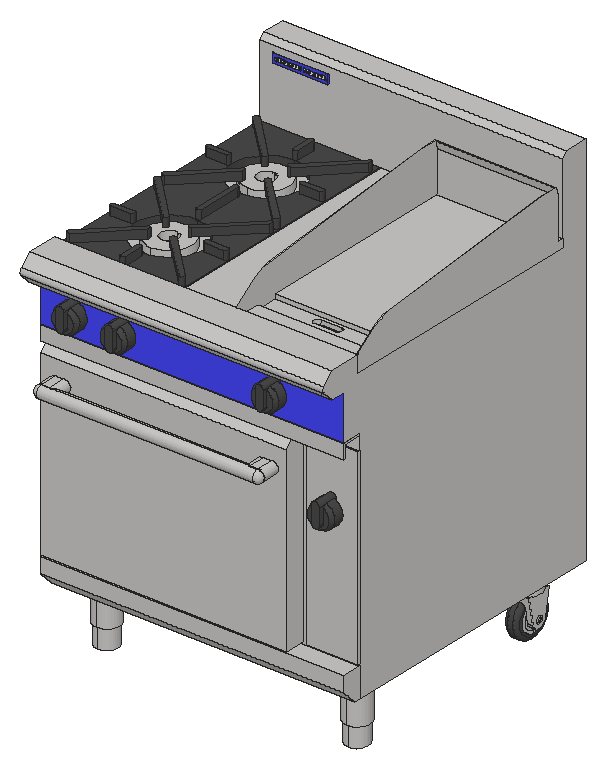
Revit family "QF_MOFFAT_BLUESEAL_CE_G505C", category Specialty Equipment, Revit 2012 (continued)
Automatic sketch dimensions
  Extrusion 1 sketch curve to Extrusion 1 sketch curve = 50 mm
  Extrusion 1 sketch curve to plane 5 "FRONT" = 28.03 mm
  Extrusion 1 sketch curve to plane 5 "FRONT" = 27.03 mm
  Extrusion 1 sketch curve to plane 5 "FRONT" = 12.032 mm
  Extrusion 1 sketch curve to plane 5 "FRONT" = 3.531 mm  (x2)
  Extrusion 1 sketch curve to Extrusion 1 sketch curve = 135 mm
  Extrusion 1 sketch curve to Extrusion 1 sketch curve = 25 mm
  Extrusion 1 sketch curve to Extrusion 1 sketch curve = 23.499 mm
  Extrusion 1 sketch curve to Extrusion 1 sketch curve = 8.501 mm
  Extrusion 1 sketch curve to plane 16 = 12.5 mm
  plane 12 to Extrusion 2 sketch curve = 0.062 mm
  plane 1 "BACK" to Extrusion 2 sketch curve = 32 mm
  Revolve 3 sketch curve to plane 10 "Base Height" = 0 mm
  Revolve 3 sketch curve to level = 0 mm
  level to Revolve 3 sketch curve = 50 mm
  Revolve 3 sketch curve to plane 5 "FRONT" = 155.25 mm
  Revolve 3 sketch curve to Revolve 3 sketch curve = 4.25 mm
  Revolve 3 sketch curve to Revolve 3 sketch curve = 27.5 mm  (x2)
  Revolve 3 sketch curve to Revolve 3 sketch curve = 55 mm
  Revolve 3 sketch curve to Revolve 3 sketch curve = 0 mm
  plane 9 to Extrusion 4 sketch curve = 29 mm
  Extrusion 4 sketch curve to Extrusion 4 sketch curve = 3 mm  (x3)
  Extrusion 4 sketch curve to plane 9 = 137.5 mm
  Extrusion 4 sketch curve to plane 14 = 37.768 mm
  Extrusion 4 sketch curve to plane 5 "FRONT" = 110 mm  (x2)
  Extrusion 4 sketch curve to plane 11 = 84.2 mm  (x2)
  Extrusion 4 sketch curve to plane 7 "Center Y" = 78 mm
  Extrusion 5 sketch curve to Extrusion 4 = 19.102 mm  (x2)
  Extrusion 5 sketch curve to Extrusion 5 sketch curve = 4.525 mm  (x16)
  Extrusion 5 sketch curve to Extrusion 4 = 27.593 mm
  Extrusion 5 sketch curve to Extrusion 5 sketch curve = 48.456 mm  (x4)
  Extrusion 5 sketch curve to Extrusion 5 sketch curve = 50.976 mm
  Extrusion 5 sketch curve to Extrusion 5 sketch curve = 0 mm  (x4)
  Extrusion 5 sketch curve to Extrusion 4 = 9.156 mm  (x2)
  Extrusion 5 sketch curve to Extrusion 5 sketch curve = 27.39 mm  (x2)
  Extrusion 5 sketch curve to Extrusion 5 sketch curve = 6.4 mm  (x7)
  Extrusion 5 sketch curve to Extrusion 5 sketch curve = 20.658 mm  (x2)
  Extrusion 5 sketch curve to Extrusion 5 sketch curve = 55.923 mm
  Extrusion 5 sketch curve to Extrusion 4 = 5.102 mm  (x3)
  Extrusion 5 sketch curve to Extrusion 5 sketch curve = 128.581 mm  (x2)
  Extrusion 5 sketch curve to Extrusion 4 = 6.102 mm  (x2)
  Extrusion 5 sketch curve to Extrusion 4 = 14.153 mm
  Extrusion 5 sketch curve to Extrusion 5 sketch curve = 12.205 mm  (x2)
  Extrusion 5 sketch curve to Extrusion 4 = 15.153 mm  (x2)
  Extrusion 5 sketch curve to Extrusion 5 sketch curve = 112.454 mm
  Extrusion 5 sketch curve to Extrusion 5 sketch curve = 59.673 mm
  Extrusion 5 sketch curve to Extrusion 5 sketch curve = 17.024 mm  (x2)
  Extrusion 5 sketch curve to Extrusion 4 = 9.908 mm  (x2)
  Extrusion 5 sketch curve to Extrusion 5 sketch curve = 46.847 mm  (x2)
  Extrusion 5 sketch curve to Extrusion 5 sketch curve = 62.169 mm
  Extrusion 5 sketch curve to Extrusion 4 = 36.153 mm  (x2)
  Extrusion 5 sketch curve to Extrusion 4 = 23.4 mm
  Extrusion 5 sketch curve to Extrusion 5 sketch curve = 55.413 mm  (x2)
  Extrusion 5 sketch curve to Extrusion 5 sketch curve = 20.524 mm  (x3)
  Extrusion 5 sketch curve to Extrusion 5 sketch curve = 53.847 mm  (x4)
  Extrusion 5 sketch curve to Extrusion 4 = 58.364 mm
  Revolve 6 sketch curve to plane 10 "Base Height" = 0 mm
  Revolve 6 sketch curve to level = 0 mm
  level to Revolve 6 sketch curve = 50 mm
  Revolve 6 sketch curve to plane 5 "FRONT" = 155.25 mm
  Revolve 6 sketch curve to Revolve 6 sketch curve = 4.25 mm
  Revolve 6 sketch curve to Revolve 6 sketch curve = 27.5 mm  (x2)
  Revolve 6 sketch curve to Revolve 6 sketch curve = 0 mm
  Revolve 6 sketch curve to Revolve 6 sketch curve = 55 mm
  Extrusion 1 to Extrusion 7 sketch curve = 0 mm
  Extrusion 7 sketch curve to Extrusion 1 = 1 mm
  Extrusion 1 to Extrusion 7 sketch curve = 300 mm
  Extrusion 7 sketch curve to Extrusion 7 sketch curve = 150 mm
  plane 12 to Extrusion 8 sketch curve = 5 mm
  Extrusion 8 sketch curve to plane 6 "TOP" = 277.5 mm
  Extrusion 8 sketch curve to plane 12 = 10 mm
  plane 10 "Base Height" to Extrusion 8 sketch curve = 77.5 mm
  Split face 1 sketch curve to Extrusion 7 = 45.037 mm
  Split face 1 sketch curve to Extrusion 7 = 27.576 mm
  Split face 2 sketch curve to Extrusion 7 = 45.037 mm
  Split face 2 sketch curve to Extrusion 7 = 75 mm
  Split face 3 sketch curve to Extrusion 7 = 45.037 mm
  Split face 3 sketch curve to Extrusion 7 = 27.576 mm
  Split face 4 sketch curve to Extrusion 7 = 27.576 mm
  Split face 4 sketch curve to Extrusion 7 = 79.037 mm
  Split face 5 sketch curve to Extrusion 7 = 79.037 mm
  Split face 5 sketch curve to Extrusion 7 = 75 mm
  Split face 6 sketch curve to Extrusion 7 = 27.576 mm
  Split face 6 sketch curve to Extrusion 7 = 79.037 mm
  Split face 7 sketch curve to Extrusion 7 = 27.576 mm
  Split face 7 sketch curve to Extrusion 7 = 113.037 mm
  Split face 8 sketch curve to Extrusion 7 = 113.037 mm
  Split face 8 sketch curve to Extrusion 7 = 75 mm
  Split face 9 sketch curve to Extrusion 7 = 27.576 mm
  Split face 9 sketch curve to Extrusion 7 = 113.037 mm
  Split face 10 sketch curve to Extrusion 7 = 27.576 mm
  Split face 10 sketch curve to Extrusion 7 = 147.037 mm
  Split face 11 sketch curve to Extrusion 7 = 147.037 mm
  Split face 11 sketch curve to Extrusion 7 = 75 mm
  Split face 12 sketch curve to Extrusion 7 = 27.576 mm
  Split face 12 sketch curve to Extrusion 7 = 147.037 mm
  Split face 13 sketch curve to Extrusion 7 = 27.576 mm
  Split face 13 sketch curve to Extrusion 7 = 181.037 mm
  Split face 14 sketch curve to Extrusion 7 = 75 mm
  Split face 14 sketch curve to Extrusion 7 = 181.037 mm
  Split face 15 sketch curve to Extrusion 7 = 27.576 mm
  Split face 15 sketch curve to Extrusion 7 = 181.037 mm
  Split face 16 sketch curve to Extrusion 7 = 27.576 mm
  Split face 16 sketch curve to Extrusion 7 = 215.037 mm
  Split face 17 sketch curve to Extrusion 7 = 75 mm
  Split face 17 sketch curve to Extrusion 7 = 215.037 mm
  Split face 18 sketch curve to Extrusion 7 = 27.576 mm
  Split face 18 sketch curve to Extrusion 7 = 215.037 mm
  Split face 19 sketch curve to Extrusion 7 = 27.576 mm
  Split face 19 sketch curve to Extrusion 7 = 249.037 mm
  Split face 20 sketch curve to Extrusion 7 = 75 mm
  Split face 20 sketch curve to Extrusion 7 = 249.037 mm
  Split face 21 sketch curve to Extrusion 7 = 27.576 mm
  Split face 21 sketch curve to Extrusion 7 = 249.037 mm
  Split face 22 sketch curve to Extrusion 7 = 27.576 mm
  Split face 22 sketch curve to Extrusion 7 = 283.037 mm
  Split face 23 sketch curve to Extrusion 7 = 75 mm
  Split face 23 sketch curve to Extrusion 7 = 283.037 mm
  Split face 24 sketch curve to Extrusion 7 = 27.576 mm
  Split face 24 sketch curve to Extrusion 7 = 283.037 mm
  Split face 25 sketch curve to Extrusion 7 = 27.576 mm
  Split face 25 sketch curve to Extrusion 7 = 316.963 mm
  Split face 26 sketch curve to Extrusion 7 = 75 mm
  Split face 26 sketch curve to Extrusion 7 = 316.963 mm
  Split face 27 sketch curve to Extrusion 7 = 27.576 mm
  Split face 27 sketch curve to Extrusion 7 = 316.963 mm
  Split face 28 sketch curve to Extrusion 7 = 27.576 mm
  Split face 28 sketch curve to Extrusion 7 = 282.963 mm
  Split face 29 sketch curve to Extrusion 7 = 75 mm
  Split face 29 sketch curve to Extrusion 7 = 282.963 mm
  Split face 30 sketch curve to Extrusion 7 = 27.576 mm
  Split face 30 sketch curve to Extrusion 7 = 282.963 mm
  Split face 31 sketch curve to Extrusion 7 = 27.576 mm
  Split face 31 sketch curve to Extrusion 7 = 248.963 mm
  Split face 32 sketch curve to Extrusion 7 = 75 mm
  Split face 32 sketch curve to Extrusion 7 = 248.963 mm
  Split face 33 sketch curve to Extrusion 7 = 27.576 mm
  Split face 33 sketch curve to Extrusion 7 = 248.963 mm
  Split face 34 sketch curve to Extrusion 7 = 27.576 mm
  Split face 34 sketch curve to Extrusion 7 = 214.963 mm
  Split face 35 sketch curve to Extrusion 7 = 75 mm
  Split face 35 sketch curve to Extrusion 7 = 214.963 mm
  Split face 36 sketch curve to Extrusion 7 = 27.576 mm
  Split face 36 sketch curve to Extrusion 7 = 214.963 mm
  Split face 37 sketch curve to Extrusion 7 = 27.576 mm
  Split face 37 sketch curve to Extrusion 7 = 180.963 mm
  Split face 38 sketch curve to Extrusion 7 = 75 mm
  Split face 38 sketch curve to Extrusion 7 = 180.963 mm
  Split face 39 sketch curve to Extrusion 7 = 27.576 mm
  Split face 39 sketch curve to Extrusion 7 = 180.963 mm
  Split face 40 sketch curve to Extrusion 7 = 27.576 mm
  Split face 40 sketch curve to Extrusion 7 = 146.963 mm
  Split face 41 sketch curve to Extrusion 7 = 146.963 mm
  Split face 41 sketch curve to Extrusion 7 = 75 mm
  Split face 42 sketch curve to Extrusion 7 = 27.576 mm
  Split face 42 sketch curve to Extrusion 7 = 146.963 mm
  Split face 43 sketch curve to Extrusion 7 = 27.576 mm
  Split face 43 sketch curve to Extrusion 7 = 112.963 mm
  Split face 44 sketch curve to Extrusion 7 = 112.963 mm
  Split face 44 sketch curve to Extrusion 7 = 75 mm
  Split face 45 sketch curve to Extrusion 7 = 27.576 mm
  Split face 45 sketch curve to Extrusion 7 = 112.963 mm
  Split face 46 sketch curve to Extrusion 7 = 27.576 mm
  Split face 46 sketch curve to Extrusion 7 = 78.963 mm
  Split face 47 sketch curve to Extrusion 7 = 78.963 mm
  Split face 47 sketch curve to Extrusion 7 = 75 mm
  Split face 48 sketch curve to Extrusion 7 = 27.576 mm
  Split face 48 sketch curve to Extrusion 7 = 78.963 mm
  Split face 49 sketch curve to Extrusion 7 = 44.963 mm
  Split face 49 sketch curve to Extrusion 7 = 27.576 mm
  Split face 50 sketch curve to Extrusion 7 = 44.963 mm
  Split face 50 sketch curve to Extrusion 7 = 75 mm
  Split face 51 sketch curve to Extrusion 7 = 44.963 mm
  Split face 51 sketch curve to Extrusion 7 = 27.576 mm
  Revolve 9 sketch curve to plane 5 "FRONT" = 63 mm
  Revolve 9 sketch curve to Revolve 9 sketch curve = 10 mm
  Revolve 9 sketch curve to Revolve 9 sketch curve = 21.3 mm
  Revolve 9 sketch curve to Revolve 9 sketch curve = 23 mm
  Revolve 9 sketch curve to Revolve 9 sketch curve = 12.7 mm
  Revolve 9 sketch curve to Revolve 9 sketch curve = 0 mm  (x2)
  Revolve 9 sketch curve to plane 6 "TOP" = 174 mm
  Revolve 9 sketch curve to Revolve 9 sketch curve = 5 mm
  Revolve 9 sketch curve to Revolve 9 sketch curve = 26.651 mm
  Revolve 9 sketch curve to Revolve 9 sketch curve = 5.849 mm
  Revolve 10 sketch curve to plane 5 "FRONT" = 19 mm
  Revolve 10 sketch curve to Revolve 10 sketch curve = 0 mm  (x2)
  Revolve 10 sketch curve to Revolve 10 sketch curve = 11 mm
  Revolve 10 sketch curve to Revolve 10 sketch curve = 12.7 mm
  Revolve 10 sketch curve to Revolve 10 sketch curve = 23 mm
  Revolve 10 sketch curve to Revolve 10 sketch curve = 10 mm
  Revolve 10 sketch curve to plane 6 "TOP" = 141.732 mm
  Revolve 10 sketch curve to Revolve 10 sketch curve = 5.849 mm
  Revolve 10 sketch curve to Revolve 10 sketch curve = 27.5 mm
  Revolve 10 sketch curve to Revolve 10 sketch curve = 5 mm
  plane 3 "LEFT" to Extrusion 11 sketch curve = 100 mm
  Extrusion 11 sketch curve to Extrusion 11 sketch curve = 10 mm
  Extrusion 11 sketch curve to plane 6 "TOP" = 147.105 mm
  Extrusion 11 sketch curve to Extrusion 11 sketch curve = 39 mm
  Extrusion 12 sketch curve to plane 7 "Center Y" = 153.818 mm
  Extrusion 12 sketch curve to Extrusion 12 sketch curve = 10 mm
  Extrusion 12 sketch curve to plane 6 "TOP" = 147.105 mm
  Extrusion 12 sketch curve to Extrusion 12 sketch curve = 39 mm
  Revolve 13 sketch curve to plane 5 "FRONT" = 63 mm
  Revolve 13 sketch curve to Revolve 13 sketch curve = 10 mm
  Revolve 13 sketch curve to Revolve 13 sketch curve = 21.3 mm
  Revolve 13 sketch curve to Revolve 13 sketch curve = 23 mm
  Revolve 13 sketch curve to Revolve 13 sketch curve = 12.7 mm
  Revolve 13 sketch curve to Revolve 13 sketch curve = 0 mm  (x2)
  Revolve 13 sketch curve to plane 6 "TOP" = 141.5 mm
  Revolve 13 sketch curve to Revolve 13 sketch curve = 5.849 mm
  Revolve 13 sketch curve to Revolve 13 sketch curve = 27.5 mm
  Revolve 13 sketch curve to Revolve 13 sketch curve = 5 mm
  Extrusion 14 sketch curve to plane 12 = 46.25 mm
  Extrusion 14 sketch curve to Extrusion 14 sketch curve = 10 mm
  Extrusion 14 sketch curve to plane 6 "TOP" = 186.105 mm
  Extrusion 14 sketch curve to Extrusion 14 sketch curve = 39 mm
  Revolve 15 sketch curve to plane 5 "FRONT" = 63.5 mm
  Revolve 15 sketch curve to Revolve 15 sketch curve = 0 mm  (x2)
  Revolve 15 sketch curve to Revolve 15 sketch curve = 11 mm
  Revolve 15 sketch curve to Revolve 15 sketch curve = 12.7 mm
  Revolve 15 sketch curve to Revolve 15 sketch curve = 23 mm
  Revolve 15 sketch curve to Revolve 15 sketch curve = 10 mm
  plane 10 "Base Height" to Revolve 15 sketch curve = 402.134 mm
  Revolve 15 sketch curve to Revolve 15 sketch curve = 5 mm
  Revolve 15 sketch curve to Revolve 15 sketch curve = 26.651 mm
  Revolve 15 sketch curve to Revolve 15 sketch curve = 5.849 mm
  Extrusion 16 sketch curve to plane 15 = 1.529 mm
  Extrusion 16 sketch curve to plane 13 = 2.529 mm
  plane 10 "Base Height" to Extrusion 16 sketch curve = 390.261 mm
  Extrusion 16 sketch curve to Extrusion 16 sketch curve = 39 mm
  Extrusion 17 sketch curve to plane 5 "FRONT" = 63 mm
  plane 10 "Base Height" to Extrusion 17 sketch curve = 77.5 mm
  plane 5 "FRONT" to Extrusion 17 sketch curve = 399.516 mm
  plane 13 to Extrusion 18 sketch curve = 4 mm
  Extrusion 18 sketch curve to plane 12 = 20 mm
  Extrusion 18 sketch curve to plane 12 = 68.5 mm
  Extrusion 18 sketch curve to plane 1 "BACK" = 30.24 mm
  plane 1 "BACK" to Extrusion 18 sketch curve = 38.76 mm
  plane 9 to Extrusion 18 sketch curve = 12.74 mm
  plane 4 "RIGHT" to Extrusion 19 sketch curve = 0 mm
  Extrusion 19 sketch curve to plane 6 "TOP" = 270 mm
  plane 12 to Extrusion 19 sketch curve = 5 mm
  plane 10 "Base Height" to Extrusion 19 sketch curve = 77.5 mm
  Extrusion 20 sketch curve to Extrusion 20 sketch curve = 0 mm  (x4)
  Extrusion 1 to Extrusion 20 sketch curve = 167.5 mm
  Extrusion 20 sketch curve to Extrusion 1 = 167.5 mm
  Extrusion 1 to Extrusion 20 sketch curve = 150 mm  (x2)
  plane 3 "LEFT" to Extrusion 21 sketch curve = 58.528 mm
  Extrusion 21 sketch curve to plane 6 "TOP" = 361.875 mm  (x2)
  Extrusion 21 sketch curve to plane 12 = 67.243 mm
  Extrusion 21 sketch curve to Extrusion 21 sketch curve = 15 mm  (x2)
  Extrusion 21 sketch curve to Extrusion 21 sketch curve = 20.282 mm  (x2)
  Revolve 22 sketch curve to plane 3 "LEFT" = 6.961 mm
  plane 3 "LEFT" to Revolve 22 sketch curve = 23.246 mm
  Revolve 22 sketch curve to Revolve 22 sketch curve = 15 mm
  Revolve 22 sketch curve to plane 12 = 46.961 mm
  Revolve 22 sketch curve to Revolve 22 sketch curve = 0 mm  (x2)
  Revolve 22 sketch curve to plane 6 "TOP" = 346.875 mm
  Extrusion 23 sketch curve to plane 5 "FRONT" = 63 mm
  Extrusion 23 sketch curve to Extrusion 23 sketch curve = 24 mm  (x2)
  Extrusion 23 sketch curve to Extrusion 23 sketch curve = 50 mm
  plane 10 "Base Height" to Extrusion 23 sketch curve = 77.5 mm
  Extrusion 24 sketch curve to plane 5 "FRONT" = 63 mm
  Extrusion 24 sketch curve to Extrusion 24 sketch curve = 3.02 mm
  Extrusion 24 sketch curve to Extrusion 24 sketch curve = 44.98 mm
  Extrusion 24 sketch curve to plane 6 "TOP" = 267 mm
  Extrusion 24 sketch curve to Extrusion 24 sketch curve = 32 mm
  Extrusion 24 sketch curve to Extrusion 24 sketch curve = 3 mm
  Extrusion 25 sketch curve to plane 10 "Base Height" = 0 mm
  Extrusion 25 sketch curve to plane 5 "FRONT" = 63 mm
  Split face 52 sketch curve to cut or joined group of Extrusion 1, Extrusion 8, Extrusion 18, Extrusion 19 = 27.115 mm
  Split face 52 sketch curve to cut or joined group of Extrusion 1, Extrusion 8, Extrusion 18, Extrusion 19 = 273.455 mm
  Split face 52 sketch curve to cut or joined group of Extrusion 1, Extrusion 8, Extrusion 18, Extrusion 19 = 23.385 mm
  Split face 52 sketch curve to Split face 52 sketch curve = 4.041 mm  (x4)
  Split face 52 sketch curve to Split face 52 sketch curve = 8.66 mm  (x2)
  Split face 52 sketch curve to cut or joined group of Extrusion 1, Extrusion 8, Extrusion 18, Extrusion 19 = 22.115 mm
  Split face 52 sketch curve to cut or joined group of Extrusion 1, Extrusion 8, Extrusion 18, Extrusion 19 = 36.836 mm
  Split face 52 sketch curve to Split face 52 sketch curve = 17 mm
  Split face 52 sketch curve to Split face 52 sketch curve = 7 mm  (x2)
  Split face 53 sketch curve to cut or joined group of Extrusion 1, Extrusion 8, Extrusion 18, Extrusion 19 = 26.545 mm
  Split face 53 sketch curve to Split face 53 sketch curve = 4.041 mm  (x4)
  Split face 53 sketch curve to Split face 53 sketch curve = 8.66 mm  (x2)
  Split face 53 sketch curve to cut or joined group of Extrusion 1, Extrusion 8, Extrusion 18, Extrusion 19 = 22.115 mm
  Split face 53 sketch curve to Split face 53 sketch curve = 223.917 mm
  Split face 53 sketch curve to cut or joined group of Extrusion 1, Extrusion 8, Extrusion 18, Extrusion 19 = 17.115 mm
  Split face 53 sketch curve to Split face 53 sketch curve = 10 mm
  Split face 53 sketch curve to Split face 53 sketch curve = 7 mm  (x3)
  Extrusion 26 sketch curve to plane 9 = 0 mm
  Extrusion 26 sketch curve to plane 9 = 19.393 mm
  Extrusion 26 sketch curve to plane 9 = 31.75 mm
  plane 9 to Extrusion 26 sketch curve = 19.393 mm
  plane 9 to Extrusion 26 sketch curve = 31.75 mm
  level to Extrusion 26 sketch curve = 45.111 mm
  Extrusion 26 sketch curve to Extrusion 26 sketch curve = 4.889 mm
  Extrusion 26 sketch curve to plane 10 "Base Height" = 40 mm
  Revolve 27 sketch curve to plane 10 "Base Height" = 0 mm
  Revolve 27 sketch curve to plane 9 = 0 mm  (x2)
  Revolve 27 sketch curve to Revolve 27 sketch curve = 35.75 mm
  Revolve 27 sketch curve to plane 10 "Base Height" = 40 mm
  level to Revolve 27 sketch curve = 50 mm
  Revolve 27 sketch curve to level = 55 mm
  Revolve 28 sketch curve to plane 10 "Base Height" = 0 mm
  Revolve 28 sketch curve to plane 9 = 0 mm  (x2)
  Revolve 28 sketch curve to plane 9 = 35.75 mm
  Revolve 28 sketch curve to plane 10 "Base Height" = 40 mm
  level to Revolve 28 sketch curve = 50 mm
  Revolve 28 sketch curve to level = 55 mm
  plane 15 to Revolve 29 sketch curve = 25.382 mm
  Revolve 29 sketch curve to Revolve 29 sketch curve = 1.27 mm  (x4)
  Revolve 29 sketch curve to Revolve 29 sketch curve = 1.524 mm  (x2)
  plane 15 to Revolve 29 sketch curve = 10.442 mm
  plane 15 to Revolve 29 sketch curve = 7.68 mm
  Revolve 29 sketch curve to Revolve 29 sketch curve = 0.794 mm  (x2)
  Revolve 29 sketch curve to Revolve 29 sketch curve = 3.57 mm
  Revolve 29 sketch curve to Revolve 29 sketch curve = 2.143 mm
  Revolve 29 sketch curve to plane 15 = 2.639 mm
  Revolve 29 sketch curve to plane 13 = 5.13 mm
  Revolve 29 sketch curve to plane 13 = 6.339 mm
  Revolve 29 sketch curve to plane 13 = 14.515 mm
  Revolve 29 sketch curve to Revolve 29 sketch curve = 1.349 mm  (x2)
  Revolve 29 sketch curve to Revolve 29 sketch curve = 3.556 mm
  Revolve 29 sketch curve to Revolve 29 sketch curve = 12.146 mm
  Revolve 29 sketch curve to plane 4 "RIGHT" = 2.68 mm
  level to Revolve 29 sketch curve = 50.8 mm
  Revolve 29 sketch curve to Revolve 29 sketch curve = 0 mm
  Revolve 29 sketch curve to Revolve 29 sketch curve = 3.505 mm  (x2)
  Revolve 29 sketch curve to Revolve 29 sketch curve = 3.447 mm  (x2)
  Revolve 29 sketch curve to Revolve 29 sketch curve = 9.964 mm
  Revolve 29 sketch curve to Revolve 29 sketch curve = 10.045 mm
  Revolve 29 sketch curve to Revolve 29 sketch curve = 2.053 mm
  Revolve 29 sketch curve to Revolve 29 sketch curve = 2.061 mm
  Revolve 29 sketch curve to Revolve 29 sketch curve = 8.247 mm
  Revolve 29 sketch curve to Revolve 29 sketch curve = 8.336 mm
  Revolve 29 sketch curve to Revolve 29 sketch curve = 6.35 mm  (x2)
  Extrusion 30 sketch curve to plane 9 = 0 mm
  Extrusion 30 sketch curve to plane 9 = 19.393 mm
  Extrusion 30 sketch curve to plane 9 = 31.75 mm
  plane 9 to Extrusion 30 sketch curve = 19.393 mm
  plane 9 to Extrusion 30 sketch curve = 31.75 mm
  level to Extrusion 30 sketch curve = 45.111 mm
  Extrusion 30 sketch curve to Extrusion 30 sketch curve = 4.889 mm
  Extrusion 30 sketch curve to plane 10 "Base Height" = 40 mm
  Revolve 31 sketch curve to plane 10 "Base Height" = 0 mm
  Revolve 31 sketch curve to level = 0 mm
  Revolve 31 sketch curve to plane 9 = 0 mm  (x2)
  Revolve 31 sketch curve to Revolve 31 sketch curve = 27.5 mm
  Revolve 31 sketch curve to Revolve 31 sketch curve = 31.75 mm
  Revolve 31 sketch curve to level = 55 mm
  Revolve 31 sketch curve to Revolve 31 sketch curve = 50 mm
  Revolve 31 sketch curve to Revolve 31 sketch curve = 0 mm
  Revolve 32 sketch curve to plane 10 "Base Height" = 0 mm
  Revolve 32 sketch curve to level = 0 mm
  Revolve 32 sketch curve to plane 9 = 0 mm  (x2)
  Revolve 32 sketch curve to Revolve 32 sketch curve = 27.5 mm
  Revolve 32 sketch curve to Revolve 32 sketch curve = 31.75 mm
  level to Revolve 32 sketch curve = 50 mm
  Revolve 32 sketch curve to Revolve 32 sketch curve = 0 mm
  Revolve 32 sketch curve to Revolve 32 sketch curve = 55 mm
  plane 3 "LEFT" to Revolve 33 sketch curve = 99.382 mm
  Revolve 33 sketch curve to Revolve 33 sketch curve = 1.27 mm  (x4)
  Revolve 33 sketch curve to Revolve 33 sketch curve = 1.524 mm  (x2)
  Revolve 33 sketch curve to Revolve 33 sketch curve = 12.146 mm  (x2)
  Revolve 33 sketch curve to Revolve 33 sketch curve = 2.762 mm
  Revolve 33 sketch curve to Revolve 33 sketch curve = 0.794 mm  (x2)
  Revolve 33 sketch curve to Revolve 33 sketch curve = 3.57 mm
  Revolve 33 sketch curve to Revolve 33 sketch curve = 2.143 mm
  Revolve 33 sketch curve to Revolve 33 sketch curve = 9.525 mm
  Revolve 33 sketch curve to Revolve 33 sketch curve = 24.572 mm
  Revolve 33 sketch curve to Revolve 33 sketch curve = 12.7 mm
  Revolve 33 sketch curve to Revolve 33 sketch curve = 8.176 mm
  Revolve 33 sketch curve to Revolve 33 sketch curve = 1.349 mm  (x2)
  Revolve 33 sketch curve to Revolve 33 sketch curve = 3.556 mm
  Revolve 33 sketch curve to plane 3 "LEFT" = 2.68 mm
  Revolve 33 sketch curve to plane 10 "Base Height" = 48.4 mm
  Revolve 33 sketch curve to Revolve 33 sketch curve = 6.35 mm  (x4)
  Revolve 33 sketch curve to Revolve 33 sketch curve = 8.247 mm
  Revolve 33 sketch curve to Revolve 33 sketch curve = 8.336 mm
  Revolve 33 sketch curve to Revolve 33 sketch curve = 2.061 mm
  Revolve 33 sketch curve to Revolve 33 sketch curve = 2.053 mm
  Revolve 33 sketch curve to Revolve 33 sketch curve = 10.045 mm
  Revolve 33 sketch curve to Revolve 33 sketch curve = 9.964 mm
  Revolve 33 sketch curve to Revolve 33 sketch curve = 3.447 mm  (x2)
  Revolve 33 sketch curve to Revolve 33 sketch curve = 3.505 mm
  curve 119 to curve 123 = 0 mm
  curve 120 to curve 123 = 0 mm
  curve 133 to curve 135 = 0 mm  (x2)
  curve 135 to curve 137 = 0 mm
  curve 136 to curve 137 = 0 mm
  plane 4 "RIGHT" to curve 155 = 26.545 mm
  curve 155 to curve 156 = 4.041 mm
  curve 155 to curve 153 = 8.66 mm
  curve 155 to curve 156 = 8.66 mm
  plane 1 "BACK" to curve 152 = 45.385 mm
  plane 7 "Center Y" to curve 152 = 111.836 mm
  curve 152 to curve 149 = 4.041 mm
  plane 1 "BACK" to curve 151 = 40.385 mm
  curve 153 to curve 151 = 8.66 mm
  curve 151 to curve 150 = 4.041 mm
  curve 151 to curve 157 = 28.176 mm
  plane 1 "BACK" to curve 144 = 30.385 mm
  curve 144 to plane 7 "Center Y" = 101.545 mm
  plane 1 "BACK" to curve 143 = 23.385 mm
  curve 143 to curve 143 = 4.041 mm
  curve 143 to curve 144 = 8.66 mm
  curve 143 to curve 142 = 8.66 mm
  plane 3 "LEFT" to curve 137 = 150 mm
  plane 14 to curve 119 = 19.5 mm
  plane 3 "LEFT" to curve 119 = 150 mm
  curve 121 to curve 119 = 0 mm
  plane 3 "LEFT" to curve 146 = 36.836 mm
  curve 146 to curve 141 = 4.041 mm
  curve 145 to curve 147 = 8.66 mm
  curve 147 to curve 148 = 4.041 mm
  curve 156 to curve 154 = 22 mm
  plane 1 "BACK" to curve 141 = 18.385 mm
  curve 149 to curve 152 = 17 mm
  curve 150 to curve 152 = 7 mm
  curve 141 to curve 148 = 10 mm
  curve 156 to curve 154 = 7 mm
  curve 148 to curve 146 = 7 mm
  curve 142 to curve 144 = 7 mm
  plane 9 to curve 157 = 30 mm
  curve 133 to plane 9 = 52.5 mm
  curve 133 to curve 135 = 28 mm
  curve 135 to curve 137 = 35 mm
  curve 137 to curve 133 = 22 mm
  curve 121 to curve 119 = 27.732 mm
  curve 123 to plane 14 = 15.5 mm
  curve 123 to curve 120 = 22 mm
  curve 119 to curve 121 = 0.268 mm
  curve 157 to plane 5 "FRONT" = 107 mm
  Extrusion 23 sketch curve to plane 6 "TOP" = 294 mm
  Extrusion 25 sketch curve to Extrusion 25 sketch curve = 36 mm
  Extrusion 25 sketch curve to Extrusion 25 sketch curve = 14 mm
  plane 10 "Base Height" to Extrusion 25 sketch curve = 36 mm
  Extrusion 25 sketch curve to Extrusion 25 sketch curve = 36.5 mm
  radius of Extrusion 2 sketch curve = 13.5 mm
  radius of Extrusion 4 sketch curve = 85 mm  (x2)
  radius of Split face 1 sketch curve = 8 mm
  radius of Split face 2 sketch curve = 8 mm
  radius of Split face 3 sketch curve = 8 mm
  radius of Split face 4 sketch curve = 8 mm
  radius of Split face 5 sketch curve = 8 mm
  radius of Split face 6 sketch curve = 8 mm
  radius of Split face 7 sketch curve = 8 mm
  radius of Split face 8 sketch curve = 8 mm
  radius of Split face 9 sketch curve = 8 mm
  radius of Split face 10 sketch curve = 8 mm
  radius of Split face 11 sketch curve = 8 mm
  radius of Split face 12 sketch curve = 8 mm
  radius of Split face 13 sketch curve = 8 mm
  radius of Split face 14 sketch curve = 8 mm
  radius of Split face 15 sketch curve = 8 mm
  radius of Split face 16 sketch curve = 8 mm
  radius of Split face 17 sketch curve = 8 mm
  radius of Split face 18 sketch curve = 8 mm
  radius of Split face 19 sketch curve = 8 mm
  radius of Split face 20 sketch curve = 8 mm
  radius of Split face 21 sketch curve = 8 mm
  radius of Split face 22 sketch curve = 8 mm
  radius of Split face 23 sketch curve = 8 mm
  radius of Split face 24 sketch curve = 8 mm
  radius of Split face 25 sketch curve = 8 mm
  radius of Split face 26 sketch curve = 8 mm
  radius of Split face 27 sketch curve = 8 mm
  radius of Split face 28 sketch curve = 8 mm
  radius of Split face 29 sketch curve = 8 mm
  radius of Split face 30 sketch curve = 8 mm
  radius of Split face 31 sketch curve = 8 mm
  radius of Split face 32 sketch curve = 8 mm
  radius of Split face 33 sketch curve = 8 mm
  radius of Split face 34 sketch curve = 8 mm
  radius of Split face 35 sketch curve = 8 mm
  radius of Split face 36 sketch curve = 8 mm
  radius of Split face 37 sketch curve = 8 mm
  radius of Split face 38 sketch curve = 8 mm
  radius of Split face 39 sketch curve = 8 mm
  radius of Split face 40 sketch curve = 8 mm
  radius of Split face 41 sketch curve = 8 mm
  radius of Split face 42 sketch curve = 8 mm
  radius of Split face 43 sketch curve = 8 mm
  radius of Split face 44 sketch curve = 8 mm
  radius of Split face 45 sketch curve = 8 mm
  radius of Split face 46 sketch curve = 8 mm
  radius of Split face 47 sketch curve = 8 mm
  radius of Split face 48 sketch curve = 8 mm
  radius of Split face 49 sketch curve = 8 mm
  radius of Split face 50 sketch curve = 8 mm
  radius of Split face 51 sketch curve = 8 mm
  radius of Extrusion 20 sketch curve = 57 mm  (x2)
  radius of Extrusion 20 sketch curve = 22 mm  (x2)
Nested families
  nested 1: "WALDORF LOGO_FACE BASE" at (32, -70, 1056.385) x (1, 0, 0) z (0, -1, 0), visible <- "Show Logo", type "WALDORF LOGO_FACE BASE", detail levels medium+fine
    with Show Logo yes
  nested 2: "GAS GRIDDLE PLATE 300" at (450, -85, 874.5), type "GAS GRIDDLE PLATE 300"
    with Width 300 mm, Type Mark "", Status "", Specification by User "", Revision Code "", Item Number "", Installed By "", Identify Quantity as Lot yes, Furnished By "", Foodservice Equipment Identifier yes, Depth 620 mm
Connectors
  piping at (620.063, -32, 655)
    settings: on Extrusion 2, index 1, connector radius 0.37402", flow factor 0, pipe flow 0 GPM, pressure drop 0.00 psi, fitting loss kfactor 0, connector angle 0.00°, fixture units 0, engagement length 0 mm, flow configuration 1, flow direction 1, fitting loss method 0, system type 7, joint type 0, gender type 0, connector reference index -1, connector utility 0, adjustable connector no, is connector primary yes, fitting loss table "", connector description "GAS CONNECTION"
Definition of nested family "WALDORF LOGO_FACE BASE"
  Parameters (values of type "WALDORF LOGO_FACE BASE")
    Show Logo [instance] = yes
    Default Elevation = 1219.2 mm
  Reference planes
    plane 1 "Center (Front/Back)": y = 0
    plane 2: z = 0
    plane 3 "Center (Left/Right)": x = 0
  Forms (mm)
    Extrusion 1, solid
      sketch origin (0, 0, 0) x (1, 0, 0) y (0, 1, 0)
        loop
          line (-1219.2, 1219.2) -> (-1219.2, -1219.2) -> (1219.2, -1219.2) -> (1219.2, 1219.2) -> (-1219.2, 1219.2)
      from 0 to -304.8
    Extrusion 2, solid, material "QF_Finishes_Blue", visible <- "Show Logo"
      sketch origin (0, -33.217, 0) x (1, 0, 0) y (0, 1, 0)
        loop
          arc (138, 31.942) -> (137.626, 32.844) -> (136.724, 33.217) r 1.276
          line (136.724, 33.217) -> (1.29, 33.217)
          arc (1.29, 33.217) -> (0.378, 32.839) -> (0, 31.927) r 1.29
          line (0, 31.927) -> (0, 11.507)
          arc (0, 11.507) -> (0.378, 10.595) -> (1.29, 10.217) r 1.29
          line (1.29, 10.217) -> (136.71, 10.217)
          arc (136.71, 10.217) -> (137.622, 10.595) -> (138, 11.507) r 1.29
          line (138, 11.507) -> (138, 31.942)
      from 0 to 1.588
    Extrusion 3, solid, material "QF_Finishes_White", visible <- "Show Logo"
      sketch origin (0, -33.217, 1.588) x (1, 0, 0) y (0, 1, 0)
        loop
          arc (108.946, 25.919) -> (107.613, 25.367) -> (107.061, 24.034) r 1.885
          line (107.061, 24.034) -> (107.061, 17.211) -> (112.704, 17.211) -> (112.704, 19.129) -> (115.546, 19.129) -> (115.546, 17.211) -> (121.584, 17.211) -> (121.584, 24.075)
          arc (121.584, 24.075) -> (121.043, 25.379) -> (119.739, 25.919) r 1.845
          line (119.739, 25.919) -> (108.946, 25.919)
        loop
          line (123.478, 25.919) -> (123.478, 17.163) -> (134.904, 17.163) -> (134.904, 19.129) -> (129.246, 19.129) -> (129.246, 25.919) -> (123.478, 25.919)
        loop
          line (112.704, 21.258) -> (115.546, 21.258) -> (115.546, 22.702)
          arc (115.546, 22.702) -> (115.344, 23.188) -> (114.858, 23.389) r 0.687
          line (114.858, 23.389) -> (113.363, 23.389)
          arc (113.363, 23.389) -> (112.897, 23.196) -> (112.704, 22.73) r 0.658
          line (112.704, 22.73) -> (112.704, 21.258)
        loop
          line (105.071, 25.919) -> (93.771, 25.919) -> (93.771, 17.163) -> (105.071, 17.163) -> (105.071, 19.063) -> (99.535, 19.063) -> (99.535, 20.437) -> (105.071, 20.437) -> (105.071, 22.278) -> (99.535, 22.278) -> (99.535, 23.587) -> (105.071, 23.587) -> (105.071, 25.919)
        loop
          line (91.104, 25.919) -> (79.541, 25.919)
          arc (79.541, 25.919) -> (78.558, 25.513) -> (78.152, 24.53) r 1.389
          line (78.152, 24.53) -> (78.152, 22.08)
          arc (78.152, 22.08) -> (78.558, 21.098) -> (79.541, 20.691) r 1.389
          line (79.541, 20.691) -> (86.346, 20.691) -> (86.346, 18.864) -> (83.266, 18.864) -> (83.266, 19.664) -> (78.152, 19.664) -> (78.152, 18.553)
          arc (78.152, 18.553) -> (78.558, 17.57) -> (79.541, 17.163) r 1.389
          line (79.541, 17.163) -> (91.063, 17.163)
          arc (91.063, 17.163) -> (92.045, 17.57) -> (92.452, 18.553) r 1.389
          line (92.452, 18.553) -> (92.452, 20.691)
          arc (92.452, 20.691) -> (92.045, 21.673) -> (91.063, 22.08) r 1.389
          line (91.063, 22.08) -> (83.266, 22.08) -> (83.266, 23.984) -> (86.346, 23.984) -> (86.346, 22.743) -> (92.452, 22.743) -> (92.452, 24.571)
          arc (92.452, 24.571) -> (92.057, 25.524) -> (91.104, 25.919) r 1.348
        loop
          line (70.705, 25.919) -> (59.405, 25.919) -> (59.405, 17.163) -> (70.705, 17.163) -> (70.705, 19.063) -> (65.169, 19.063) -> (65.169, 20.437) -> (70.705, 20.437) -> (70.705, 22.278) -> (65.169, 22.278) -> (65.169, 23.587) -> (70.705, 23.587) -> (70.705, 25.919)
        loop
          line (57.598, 25.919) -> (51.7, 25.919) -> (51.7, 20.18)
          arc (51.7, 20.18) -> (50.63, 19.11) -> (49.56, 20.18) r 1.07
          line (49.56, 20.18) -> (49.56, 25.919) -> (43.663, 25.919) -> (43.663, 19.049)
          arc (43.663, 19.049) -> (44.215, 17.716) -> (45.548, 17.163) r 1.885
          line (45.548, 17.163) -> (55.71, 17.163)
          arc (55.71, 17.163) -> (57.045, 17.716) -> (57.598, 19.051) r 1.887
          line (57.598, 19.051) -> (57.598, 25.919)
        loop
          line (31.62, 25.919) -> (31.62, 17.163) -> (43.046, 17.163) -> (43.046, 19.129) -> (37.388, 19.129) -> (37.388, 25.919) -> (31.62, 25.919)
        loop
          line (15.969, 25.919) -> (15.969, 17.163) -> (28.693, 17.163)
          arc (28.693, 17.163) -> (29.812, 17.627) -> (30.276, 18.746) r 1.582
          line (30.276, 18.746) -> (30.276, 20.447) -> (29.48, 21.243) -> (30.276, 22.039) -> (30.276, 24.332)
          arc (30.276, 24.332) -> (29.811, 25.454) -> (28.688, 25.919) r 1.587
          line (28.688, 25.919) -> (15.969, 25.919)
        loop
          line (21.449, 24.159) -> (21.449, 22.436) -> (23.862, 22.436)
          arc (23.862, 22.436) -> (24.723, 23.298) -> (23.862, 24.159) r 0.861
          line (23.862, 24.159) -> (21.449, 24.159)
        loop
          line (21.449, 20.244) -> (21.449, 18.522) -> (23.862, 18.522)
          arc (23.862, 18.522) -> (24.723, 19.383) -> (23.862, 20.244) r 0.861
          line (23.862, 20.244) -> (21.449, 20.244)
      from 0 to 0.2
    Extrusion 4, solid, material "QF_Finishes_Blue", visible <- "Show Logo"
      sketch origin (-126.498, -31.09, 1.588) x (1, 0, 0) y (0, 1, 0)
        loop
          line (136.738, 23.522) -> (136.738, 15.1)
          arc (136.738, 15.1) -> (140.756, 19.311) -> (136.738, 23.522) r 4.216
      from 0 to 0.2
    Extrusion 5, solid, material "QF_Finishes_Red", visible <- "Show Logo"
      sketch origin (146.849, -31.09, 1.588) x (-1, 0, 0) y (0, -1, 0)
        loop
          arc (136.738, -23.522) -> (140.756, -19.311) -> (136.738, -15.1) r 4.216
          line (136.738, -15.1) -> (136.738, -23.522)
      from 0 to 0.2
  Lines and regions (mm)
    Split face 1
      outline origin (-90.35, -30.793, 1.588) x (1, 0, 0) y (0, 1, 0)
        loop
          circle (100.54, 19.013) r 4.536
  Dimensions and locks
    aligned and locked: plane 2 to Extrusion 1
    aligned and locked: level to Extrusion 1
Definition of nested family "GAS GRIDDLE PLATE 300"
  Parameters (values of type "GAS GRIDDLE PLATE 300")
    Width [instance] = 300 mm
    Weight in Pounds = 0
    URL Cutsheet = ""
    Type Mark [instance] = ""
    Status [instance] = ""
    Specification by User [instance] = ""
    Specification by Manufacturer = ""
    Serial Number = ""
    Seismic Rating = ""
    SMACNA No = ""
    Revision Code [instance] = ""
    Omniclass Number and Title = ""
    NAFEM Spec ID Number = ""
    Masterspec = ""
    Item Number [instance] = ""
    Installed By [instance] = ""
    Identify Quantity as Lot [instance] = yes
    Furnished By [instance] = ""
    Foodservice Equipment Identifier [instance] = yes
    Depth [instance] = 620 mm
    CSI MasterFormat = ""
    CSI Master Format = ""
  Reference planes
    plane 1 "BACK": y = 0
    plane 2: z = 0
    plane 3 "LEFT": x = 0
    plane 4 "RIGHT": x = 300
    plane 5 "FRONT": y = -620
    plane 6 "TOP": z = 142.5
    plane 7 "Center Y": x = 150
    plane 8 "Center X": y = -310
    plane 9: y = -530.997
    plane 10: y = -541.497
    plane 11: y = -503.25
    plane 12: y = -557.737
  Forms (mm)
    Extrusion 1, solid, material "QF_Finishes_Stainless Steel"
      sketch origin (0, 70.003, -874.5) x (0, 1, 0) y (0, 0, 1)
        loop
          line (-70, 875) -> (-70, 997.489) -> (-75.228, 1017) -> (-117.24, 1017) -> (-589.533, 971.523)
          arc (-589.533, 971.523) -> (-614.56, 965.803) -> (-637.306, 953.899) r 100
          line (-637.306, 953.899) -> (-690.003, 917) -> (-690.003, 875) -> (-70, 875)
      from 0 to 1.8
    Extrusion 2, solid, material "QF_Finishes_Stainless Steel"
      sketch origin (600, 70.003, -874.5) x (0, -1, 0) y (0, 0, 1)
        loop
          line (70, 875) -> (690.003, 875) -> (690.003, 917) -> (637.306, 953.899)
          arc (637.306, 953.899) -> (614.56, 965.803) -> (589.533, 971.523) r 100
          line (589.533, 971.523) -> (117.24, 1017) -> (75.228, 1017) -> (70, 997.489) -> (70, 875)
      from 300 to 301.2
    Extrusion 3, solid, material "QF_Finishes_Stainless Steel"
      sketch origin (150, 70.003, -874.5) x (0, 1, 0) y (0, 0, 1)
        loop
          line (-55, 895) -> (-573.253, 895) -> (-573.253, 884.5) -> (-627.74, 884.5) -> (-627.74, 895) -> (-690.003, 895) -> (-690.003, 875) -> (-55, 875) -> (-55, 895)
      from -148.2 to 150
    Extrusion 4, void
      sketch origin (150, -541.497, 10) x (0, -1, 0) y (1, 0, 0)
        loop
          arc (-7.497, 25) -> (-17.497, 35) -> (-27.497, 25) r 10
          line (-27.497, 25) -> (-27.497, -25)
          arc (-27.497, -25) -> (-17.497, -35) -> (-7.497, -25) r 10
          line (-7.497, -25) -> (-7.497, 25)
      from -41.4 to 40.142
    Extrusion 5, solid, material "QF_Finishes_Stainless Steel"
      sketch origin (0, 70.003, -874.5) x (0, 1, 0) y (0, 0, 1)
        loop
          line (-70, 875) -> (-70, 997.489) -> (-75.228, 1017) -> (-76.884, 1017) -> (-71.6, 997.278) -> (-71.6, 875) -> (-70, 875)
      from 0 to 298.8
  Cuts and joins
    Extrusion 4 cuts Extrusion 3
    joined: Extrusion 1, Extrusion 2, Extrusion 3
  Lines and regions (mm)
    symbolic lines
      curve 1: line (300, -503.25, 0) -> (0, -503.25, 0)
      curve 2: line (0, -557.737, 0) -> (300, -557.737, 0)
      curve 3: line (0, -1.68, 0) -> (300, -1.68, 0)
      curve 4: line (300, -1.68, 0) -> (300, -620, 0)
      curve 5: line (0, -620, 0) -> (0, -1.68, 0)
      curve 6: line (0, -620, 0) -> (300, -620, 0)
      curve 7: arc (175, -534, 0) -> (185, -524, 0) -> (175, -514, 0) r 10
      curve 8: line (175, -514, 0) -> (125, -514, 0)
      curve 9: arc (125, -514, 0) -> (115, -524, 0) -> (125, -534, 0) r 10
      curve 10: line (125, -534, 0) -> (175, -534, 0)
  Dimensions and locks
    equal spacing: plane 3 "LEFT", plane 7 "Center Y", plane 4 "RIGHT"
    "Width": plane 3 "LEFT" to plane 4 "RIGHT"
    equal spacing: plane 5 "FRONT", plane 8 "Center X", plane 1 "BACK"
    "Depth": plane 5 "FRONT" to plane 1 "BACK"
    locked: Extrusion 2 to Extrusion 2 at 1.2
    equal spacing: Extrusion 4 sketch curve, plane 7 "Center Y", Extrusion 4 sketch curve, locked at 35 each
    aligned and locked: level to plane 2
    aligned and locked: Extrusion 2 to plane 4 "RIGHT"
    aligned and locked: curve 1 to plane 11
    aligned and locked: plane 12 to curve 2
    aligned and locked: Extrusion 5 to cut or joined group of Extrusion 1, Extrusion 2, Extrusion 3, Extrusion 4
  Automatic sketch dimensions
    Extrusion 1 sketch curve to plane 5 "FRONT" = 0 mm
    Extrusion 1 sketch curve to plane 6 "TOP" = 0 mm
    plane 12 to Extrusion 1 sketch curve = 9.566 mm
    plane 11 to Extrusion 1 sketch curve = 16.28 mm
    Extrusion 1 sketch curve to level = 2.516 mm
    plane 11 to Extrusion 1 sketch curve = 6.695 mm
    plane 1 "BACK" to Extrusion 1 sketch curve = 47.237 mm
    plane 1 "BACK" to Extrusion 1 sketch curve = 5.225 mm
    Extrusion 1 sketch curve to plane 1 "BACK" = 0.003 mm
    level to Extrusion 1 sketch curve = 0.5 mm
    Extrusion 1 sketch curve to Extrusion 1 sketch curve = 42 mm
    Extrusion 1 sketch curve to plane 6 "TOP" = 63.101 mm
    Extrusion 1 sketch curve to plane 6 "TOP" = 19.511 mm
    Extrusion 2 sketch curve to plane 6 "TOP" = 0 mm
    Extrusion 2 sketch curve to plane 5 "FRONT" = 0 mm
    plane 12 to Extrusion 2 sketch curve = 9.566 mm
    plane 11 to Extrusion 2 sketch curve = 16.28 mm
    Extrusion 2 sketch curve to level = 2.516 mm
    plane 11 to Extrusion 2 sketch curve = 6.695 mm
    plane 1 "BACK" to Extrusion 2 sketch curve = 47.237 mm
    plane 1 "BACK" to Extrusion 2 sketch curve = 5.225 mm
    Extrusion 2 sketch curve to plane 1 "BACK" = 0.003 mm
    level to Extrusion 2 sketch curve = 0.5 mm
    Extrusion 2 sketch curve to Extrusion 2 sketch curve = 42 mm
    Extrusion 2 sketch curve to plane 6 "TOP" = 63.101 mm
    Extrusion 2 sketch curve to plane 6 "TOP" = 19.511 mm
    Extrusion 3 sketch curve to plane 5 "FRONT" = 0 mm
    Extrusion 3 sketch curve to plane 12 = 0 mm
    Extrusion 3 sketch curve to plane 11 = 0 mm
    Extrusion 3 sketch curve to plane 1 "BACK" = 15.003 mm
    level to Extrusion 3 sketch curve = 0.5 mm
    level to Extrusion 3 sketch curve = 10 mm
    Extrusion 3 sketch curve to Extrusion 3 sketch curve = 10.5 mm  (x2)
    plane 11 to Extrusion 4 sketch curve = 10.75 mm
    Extrusion 4 sketch curve to Extrusion 4 sketch curve = 10 mm
    Extrusion 4 sketch curve to plane 7 "Center Y" = 25 mm
    plane 1 "BACK" to Extrusion 5 sketch curve = 5.225 mm
    Extrusion 5 sketch curve to plane 1 "BACK" = 0.003 mm
    Extrusion 5 sketch curve to plane 6 "TOP" = 19.511 mm
    Extrusion 5 sketch curve to Extrusion 5 sketch curve = 1.6 mm
    Extrusion 5 sketch curve to Extrusion 5 sketch curve = 0.211 mm
    Extrusion 5 sketch curve to plane 6 "TOP" = 0 mm
    Extrusion 5 sketch curve to Extrusion 5 sketch curve = 1.656 mm
    level to Extrusion 5 sketch curve = 0.5 mm
    curve 6 to plane 3 "LEFT" = 0 mm
    curve 4 to plane 4 "RIGHT" = 0 mm
    plane 5 "FRONT" to curve 6 = 0 mm
    plane 11 to curve 8 = 10.75 mm
    curve 8 to plane 7 "Center Y" = 25 mm
    plane 7 "Center Y" to curve 7 = 25 mm
    curve 10 to curve 7 = 20 mm
    plane 1 "BACK" to curve 3 = 1.68 mm
